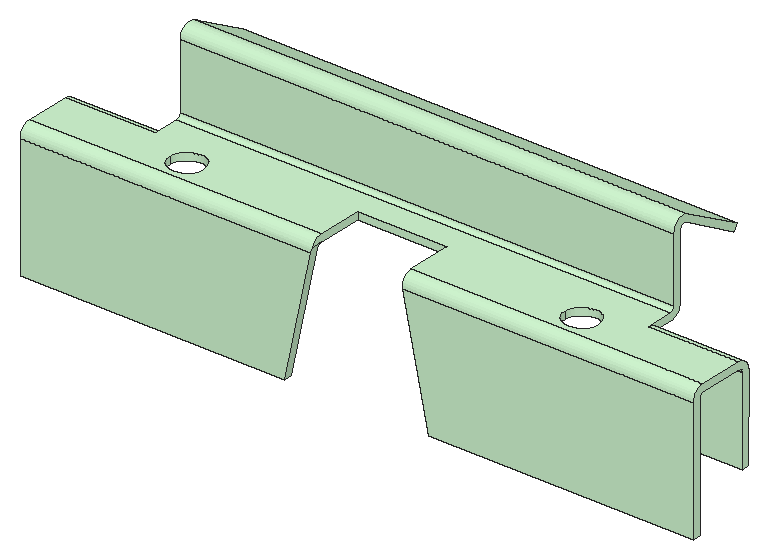
Revit family "pachi", category 機械設備, Revit 2020
Family settings
  丸型コネクタ寸法 = 直径を使用
  種別 = なし
  パーツ タイプ = 標準
  作業面ベース = いいえ
  常に垂直 = はい
  ロード時にボイドで切り取り = いいえ
  共有 = いいえ
  部屋計算ポイント = いいえ
Parameters
  製造元 = "株式会社桐井製作所"
  既定の高さ = 0 mm
  URL = "https://www.kirii.co.jp/"
  K_材質 = "溶融亜鉛めっき鋼板及び鋼帯 SGCC 一般用"
  K_品名 = "pachi"
  K_名称 = "ジョイント補強金具"
  K_バージョン情報 = "20220915"
  K_めっき付着量 = "Z12"
  K_JIS規格 = "JIS G 3302"
Reference planes
  plane 1 "中心(正面/背面)": y = 0
  plane 2: z = 0
  plane 3 "中心(左/右)": x = 0
Forms (mm)
  Extrusion 1, solid
    sketch origin (0, 0, 0) x (0, 1, 0) y (0, 0, 1)
      loop
        arc (-2.5, 0.8) -> (-3.419, 0.419) -> (-3.8, -0.5) r 1.3
        line (-3.8, -0.5) -> (-3.8, -14.2) -> (-3, -14.2) -> (-3, -0.5)
        arc (-3, -0.5) -> (-2.854, -0.146) -> (-2.5, 0) r 0.5
        line (-2.5, 0) -> (2.5, 0)
        arc (2.5, 0) -> (2.854, -0.146) -> (3, -0.5) r 0.5
        line (3, -0.5) -> (3, -10.2) -> (3.8, -10.2) -> (3.8, -0.5)
        arc (3.8, -0.5) -> (3.419, 0.419) -> (2.5, 0.8) r 1.3
        line (2.5, 0.8) -> (-2.5, 0.8)
    from -37.5 to 37.5
  Extrusion 2, void
    sketch origin (0, 0, 0) x (1, 0, 0) y (0, 1, 0)
      loop
        circle (-22, 0) r 1.902
      loop
        circle (22, 0) r 1.902
    from 0 to 0.8
  Extrusion 3, void
    sketch origin (0, 0, 0) x (1, 0, 0) y (0, 0, 1)
      loop
        line (-8, -14.2) -> (8, -14.2) -> (5, 0) -> (5, 0.8) -> (-5, 0.8) -> (-5, 0) -> (-8, -14.2)
    from -7.272 to 4.1
  Extrusion 4, void
    sketch origin (0, 0, 0) x (1, 0, 0) y (0, 0, 1)
      loop
        line (7.155, -10.2) -> (28.1, -10.2) -> (28.1, 0) -> (5, 0) -> (7.155, -10.2)
    from -4.115 to -2.5
  Extrusion 5, void
    sketch origin (0, 0, 0) x (-1, 0, 0) y (0, 0, -1)
      loop
        line (7.155, 10.2) -> (5, 0) -> (28.1, 0) -> (28.1, 10.2) -> (7.155, 10.2)
    from -4.034 to -2.578
  Extrusion 6, solid
    sketch origin (0, -0.009, 0) x (0, 1, 0) y (0, 0, 1)
      loop
        line (14.66, 5.8) -> (7.95, 9.674)
        arc (7.95, 9.674) -> (6.65, 9.674) -> (6, 8.548) r 1.3
        line (6, 8.548) -> (6, 1.3)
        arc (6, 1.3) -> (5.854, 0.946) -> (5.5, 0.8) r 0.5
        line (5.5, 0.8) -> (2.509, 0.8) -> (2.509, 0) -> (5.5, 0)
        arc (5.5, 0) -> (6.419, 0.381) -> (6.8, 1.3) r 1.3
        line (6.8, 1.3) -> (6.8, 8.548)
        arc (6.8, 8.548) -> (7.05, 8.981) -> (7.55, 8.981) r 0.5
        line (7.55, 8.981) -> (14.26, 5.107) -> (14.66, 5.8)
    from -27.5 to 27.5
Cuts and joins
  Extrusion 2, Extrusion 3, Extrusion 4, Extrusion 5 cuts Extrusion 1
  joined: Extrusion 1, Extrusion 6
Dimensions and locks
  aligned and locked: level to plane 2
